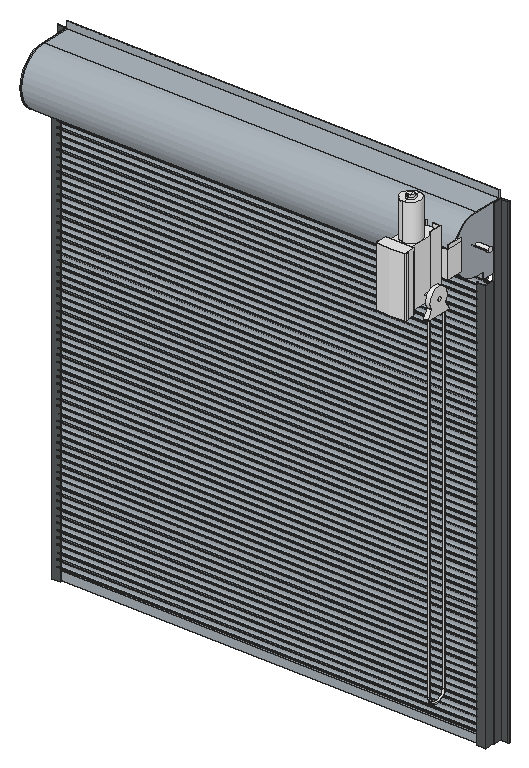
Revit family "Doors_Fire-Doors-Shutters_Wayne-Dalton_Rolling-Steel-Fire-Doors-FireStar-Model-700_", category Specialty Equipment, host Wall, Revit 2019
Family settings
  Host = Wall
  Round Connector Dimension = Use Diameter
  Part Type = Normal
  OmniClass Number = 23.30.10.21.34
  OmniClass Title = Industrial Doors
  Always vertical = Yes
  Cut with Voids When Loaded = Yes
  Shared = No
  Room Calculation Point = No
Parameters (values of type "115 volts, one phase, 60 Hz (110-120V range)")
  Y [instance] = size_lookup(Lookup Table, if(Between Jambs Mounting, "Y B", "Y F"), 10", Width Count, Height Count)  # 17"
  Width Count [instance] = if(or(Opening Width < 240", Opening Width = 240"), 20, 24)  # 20
  Warning Sign [instance] = if(Calculated Area > 324.00 SF, 1 = 1, 1 = 2)  # no
  Warning (Note) [instance] = if(Warning Sign, "The Door Area is out of the limit; please adjust accordingly. The maximum allowed area is 324 sq. ft.", " ")  # " "
  Wall Thickness [instance] = 6"
  Voltage = 115 V
  True Opening Width [instance] = if(Between Jambs Mounting, Door Width True, Clear Width)  # 120"
  True Opening Height [instance] = if(Between Jambs Mounting, Clear Height + Headroom Height, Clear Height)  # 120"
  Slat Type [instance] = if(Slat Option < 2, "№2", if(Slat Option = 2, "№17", if(Slat Option = 3, "№4", "№14 ")))  # "№2"
  Slat Option [instance] = 1
  Slat Length [instance] = Clear Width + G Value * 2 - 1" / 2 * 2  # 124 5/8"
  Slat Height [instance] = if(Slat < 2, 13 77/256", if(Slat = 2, 11 51/256", if(Slat = 3, 13 205/256", 12 1/4")))  # 13 77/256"
  Slat [instance] = if(Slat Option < 2, 1, if(Slat Option = 2, 2, if(Slat Option = 3, 3, 4)))  # 1
  Side Room Right [instance] = if(Between Jambs Mounting, 9 1/16", 10")  # 10"
  Side Room Left [instance] = if(Between Jambs Mounting, 7 1/16", 6")  # 6"
  Product Page URL = "https://www.wayne-dalton.com/commercial-fire-doors-700"
  Power Factor = 1
  Powder Coat (Note) = "Wayne Dalton also offers approximately 200 RAL powder coat options to complement the exterior colors of a building."  # constant formula
  Operator Visibility = yes
  Operation (Note) [instance] = "Door could operate by manual push, crank, electrical operator or chain hoist. Manual push up and crank could be used up to 80 sf, for larger door sizes you have to use Chain Hoist operator."  # constant formula
  Opening Width Real [instance] = if(Opening Width > Max Opening Width, Max Opening Width, if(Opening Width < Min Opening Width, Min Opening Width, Opening Width))  # 120"
  Opening Width [instance] = 120"
  Opening Height Real [instance] = if(Opening Height > Max Opening Height, Max Opening Height, if(Opening Height < Min Opening Height, Min Opening Height, Opening Height))  # 120"
  Opening Height [instance] = 120"
  One Array element [instance] = not(Array Vis)  # no
  Number of Poles = 1
  Motor Type [instance] = if(Between Jambs Mounting, "GCL Front of Hood", if(Motor Option < 2, "GCL Front of Hood", "GCL Wall Mount"))  # "GCL Front of Hood"
  Motor Selection (Note) [instance] = "Generic operator shown. Contact Wayne Dalton when dimensions are critical. "  # constant formula
  Motor Position [instance] = if(or(Chain Hoist, Lift Up, Motor Option Real = 1), G Value, 225/256" + 2 13/16")  # 2 13/16"
  Motor Option Real [instance] = if(Between Jambs Mounting, 1, if(Motor Option < 2, 1, 3))  # 1
  Motor Option [instance] = 1
  Min Opening Width [instance] = if(Between Jambs Mounting, 18" + Side Room Right + Side Room Left, 18")  # 18"
  Min Opening Height [instance] = if(Between Jambs Mounting, 24" + Headroom Height, 24")  # 24"
  Max Opening Width [instance] = 288"  # constant formula
  Max Opening Height [instance] = 288"  # constant formula
  Material Finish (Note) [instance] = "Fenestration availible for №14 Slat Profile"  # constant formula
  Material Finish [instance] = 700 : Standard - Gray
  M Value [instance] = G Value + 1/2"  # 3 5/16"
  Lookup Table [instance] = "Hood Dimensions"  # constant formula
  Lift Up = no
  Jambs Offset L [instance] = if(Between Jambs Mounting, Side Room Left, 0")  # 0"
  Jambs Offset R [instance] = if(Between Jambs Mounting, Side Room Right, 0")  # 0"
  Installation Real [instance] = if(Between Jambs Mounting, if((Wall Thickness / 2 - Guid Depth / 2) < 0", 0", Wall Thickness / 2 - Guid Depth / 2), Wall Thickness)  # 6"
  Hood Type [instance] = "Round Hood"  # constant formula
  Hood Offset [instance] = 2"  # constant formula
  Hood Material [instance] = Metal - Wayne Dalton - Gray
  Hood Height [instance] = X - 2"  # 16 1/2"
  X [instance] = size_lookup(Lookup Table, if(Between Jambs Mounting, "X B", "X F"), 10", Width Count, Height Count)  # 18 1/2"
  Height Count [instance] = if(or(Opening Height < 108", Opening Height = 108"), 9, if(or(Opening Height < 168", Opening Height = 168"), 14, if(or(Opening Height < 216", Opening Height = 216"), 18, 24)))  # 14
  Headroom Height Lift [instance] = X + Hood Offset  # 20 1/2"
  Headroom Height [instance] = if(Between Jambs Mounting, Headroom Height Lift, Headroom Height Lift + 2")  # 22 1/2"
  Guide Type [instance] = if(Between Jambs Mounting, "Angled Between Jambs Z Guide", "Angled Z Guide")  # "Angled Z Guide"
  Guide Option [instance] = if(Between Jambs Mounting, 1, 2)  # 2
  Guid Depth [instance] = if(Between Jambs Mounting, D Value + 1/4", D Value)  # 5 1/2"
  G Value [instance] = 2 13/16"  # constant formula
  Frequency = 60 Hz
  Face of Wall Offset [instance] = if(Between Jambs Mounting, 0", 5")  # 5"
  Face Of Wall Mounting [instance] = not(Between Jambs Mounting)  # yes
  Door Width True [instance] = if(Between Jambs Mounting, Clear Width + Side Room Right + Side Room Left, Clear Width + M Value * 2)  # 126 5/8"
  Door Width (Real) [instance] = if(Between Jambs Mounting, Clear Width, Clear Width + 1" / 2)  # 120 1/2"
  Door Height True [instance] = Clear Width + Headroom Height  # 142 1/2"
  Door Height (Real) [instance] = Clear Height + Hood Offset  # 122"
  URL = "https://www.wayne-dalton.com/"
  Product data url = "https://www.bimobject.com/wayne-dalton/product/rolling-steel-fire-doors-firestar-model-700"
  Product Guid = "438222a2-d04b-4390-a3d2-b724d1d5b820"
  Model = "700"  # constant formula
  Manufacturer = "Wayne Dalton"  # constant formula
  Wall Closure = By host
  Floor To (CL) of Shaft [instance] = Clear Height + Hood Offset + 2" + Hood Height / 2  # 132 1/4"
  Finish Material = Finish - Wayne Dalton - Black
  Description = "FIRESTAR Model 700 Fire Door"  # constant formula
  D Value Clearance [instance] = if(Between Jambs Mounting, D Value + 1/4", D Value)  # 5 1/2"
  D Value [instance] = 5 1/2"  # constant formula
  Clearance [instance] = no
  Clear Width [instance] = if(Between Jambs Mounting, Opening Width Real - Side Room Right - Side Room Left, Opening Width Real)  # 120"
  Clear Height [instance] = if(Between Jambs Mounting, Opening Height Real - Headroom Height, Opening Height Real)  # 120"
  Chain Hoist = no
  Current = 20 A
  Connector Array Distance = 0"  # constant formula
  Connector Array = if(Chain Hoist, 2, 3)  # 3
  Between Jambs Mounting [instance] = no
  Bar [instance] = if(Face Of Wall Mounting, 1 = 1, 1 = 2)  # yes
  Backroom Depth [instance] = Y  # 17"
  BJ Opening Cut [instance] = if(Between Jambs Mounting, Headroom Height, 0")  # 0"
  Array Vis [instance] = if(Array < 2, 1 = 2, 1 = 1)  # yes
  Array Real [instance] = if(Array < 2, 2, Array)  # 9
  Array Length [instance] = (Array) * Slat Height  # 119 181/256"
  Array [instance] = rounddown(([Door Height (Real)] - 3") / Slat Height) + 1  # 9
  Calculated Area [instance] = [Door Width (Real)] * [Door Height (Real)]  # 102.09 SF
  Apparent Load Phase 3 = if(Number of Poles = 1, 0 VA, (Voltage * Current * sqrt(3)) / 3)  # 0 VA
  Apparent Load Phase 2 = if(Number of Poles = 1, 0 VA, (Voltage * Current * sqrt(3)) / 3)  # 0 VA
  Apparent Load Phase 1 = if(Number of Poles = 1, Voltage * Current, (Voltage * Current * sqrt(3)) / 3)  # 2300 VA
Reference planes (in)
  plane 1 "Center (Front/Back)": y = -14.625
  plane 2 "Center (Left/Right)": x = 0
  plane 3 "Left": x = -60
  plane 4 "Right": x = 60
  plane 5 "Exterior": y = -8.625
  plane 6 "Interior": y = -14.625
  plane 7: x = 70
  plane 8: x = -66
  plane 9: z = 120
  plane 10 "Main": y = -19.48437
  plane 11 "Backroom Depth": y = -31.625
  plane 12 "Main Door Block": y = -14.625
  plane 13 "Bottom Bar": z = 2.75
  plane 14: y = -20.125
  plane 15: z = 122.45703
  plane 16: z = 140.5
  plane 17: z = 122
  plane 18: z = 142.5
  plane 19: z = 0
  plane 20: z = 60
  plane 21: y = -19.375
  plane 22 "Double Main": y = -18.906
  plane 23 "Headroom Top": z = 142.5
  plane 24: z = 132.25
  plane 25: x = 62.8125
  plane 26: x = -62.8125
  plane 27: z = 109.15625
  plane 28: z = 124
  plane 29: x = 62.8125
  plane 30: x = -66
  plane 31: x = 70
  plane 32: z = 2.75
  plane 33: y = -19.375
  plane 34: z = 109.15625
  plane 35: y = -19.375
  plane 36: z = 16.05078
  plane 37: y = -19.375
  plane 38: z = 29.35156
  plane 39: y = -19.375
  plane 40: z = 42.65234
  plane 41: y = -19.375
  plane 42: z = 55.95313
  plane 43: y = -19.375
  plane 44: z = 69.25391
  plane 45: y = -19.375
  plane 46: z = 82.55469
  plane 47: y = -19.375
  plane 48: z = 95.85547
  plane 49: y = -19.375
Forms (in)
  Extrusion 1, void
    sketch origin (0, -14.625, 0) x (0, 0, -1) y (-1, 0, 0)
      loop
        line (-120, 60) -> (-120, -60) -> (0, -60) -> (0, 60) -> (-120, 60)
    from 0 to 6
  Extrusion 2, solid, material "Metal - Wayne Dalton - Gray" <- "Hood Material", visible <- "Bar"
    sketch origin (0, 0, 0) x (0, 1, 0) y (0, 0, 1)
      loop
        line (-14.875, 140.5) -> (-14.625, 140.5) -> (-14.625, 142.5) -> (-14.875, 142.5) -> (-14.875, 140.5)
    from -62.5625 to 62.5625
  Extrusion 3, solid, material "Clearance - Wayne Dalton - Red", visible <- "Clearance"
    sketch origin (0, 0, 0) x (1, 0, 0) y (0, 1, 0)
      loop
        line (70, -14.625) -> (60, -14.625) -> (60, -20.125) -> (70, -20.125) -> (70, -14.625)
      loop
        line (-60, -14.625) -> (-66, -14.625) -> (-66, -20.125) -> (-60, -20.125) -> (-60, -14.625)
    from 0 to 122
Lines and regions (in)
  symbolic lines, visible <- "Bar"
    curve 1: line (62.5625, -14.625, 0) -> (-62.5625, -14.625, 0)
    curve 2: line (-62.5625, -14.875, 0) -> (62.5625, -14.875, 0)
Text (in)
  text "Exterior" at (-74.96733, 27.31104, 0), in view "Ref. Level"
  text "Interior" at (-74.96733, -25.14366, 0), in view "Ref. Level"
  text "Exterior" at (0, 40.15149, 123.01588), in view "Right"
  text "Interior" at (0, -64.39139, 123.01588), in view "Right"
  text "Interior" at (0, -31.01599, 123.00693), in view "Left"
  text "Exterior" at (0, 54.57065, 123.00693), in view "Left"
Dimensions and locks (in)
  equal spacing: plane 3 "Left", plane 2 "Center (Left/Right)", plane 4 "Right"
  "Clear Width": plane 3 "Left" to plane 4 "Right"
  level to host wall = 459.59655"
  "Clear Height": level to plane 9
  plane 7 to plane 8 = 136"
  locked: plane 13 "Bottom Bar" to level at 2.75
  locked: plane 14 to plane 10 "Main" at 0.64063
  "Array Length": plane 15 to plane 13 "Bottom Bar"
  "Backroom Depth": plane 11 "Backroom Depth" to plane 12 "Main Door Block"
  locked: plane 18 to plane 16 at 2
  locked: Extrusion 2 sketch curve to Extrusion 2 sketch curve at 0.25
  "Installation Real": plane 1 "Center (Front/Back)" to plane 5 "Exterior"
  "Wall Thickness": host wall to host wall
  equal spacing: plane 9, plane 20, plane 19
  locked: plane 10 "Main" to plane 21 at 0.10937
  locked: plane 10 "Main" to plane 22 "Double Main" at 0.57837
  "BJ Opening Cut": Extrusion 1 sketch curve to plane 9
  locked: Extrusion 2 sketch curve to Extrusion 2 sketch curve at 2
  "Hood Offset": plane 17 to plane 9
  "Headroom Height": plane 23 "Headroom Top" to plane 9
  "Floor To (CL) of Shaft": plane 24 to level
  "Jambs Offset R": plane 4 "Right" to Extrusion 1 sketch curve
  "Jambs Offset L": Extrusion 1 sketch curve to plane 3 "Left"
  "G Value": plane 25 to plane 4 "Right"
  "G Value": plane 3 "Left" to plane 26
  "Guid Depth": plane 14 to plane 1 "Center (Front/Back)"
  "Slat Height": plane 15 to plane 27
  equal spacing: group 1, group 3, group 4, group 5, group 6, group 7, group 8, group 9, group 2  (x3)
  "Side Room Right": plane 4 "Right" to plane 7
  "Side Room Left": plane 8 to plane 3 "Left"
  locked: plane 25 to Extrusion 2 at 0.25
  locked: plane 26 to Extrusion 2 at 0.25
  locked: plane 28 to plane 17 at 2
  "Hood Height": plane 16 to plane 28
  "Motor Position": plane 4 "Right" to plane 29
  "Side Room Left": plane 30 to plane 3 "Left"
  "Side Room Right": plane 4 "Right" to plane 31
  "D Value Clearance": Extrusion 3 sketch curve to Extrusion 3 sketch curve
  aligned and locked: plane 5 "Exterior" to host wall
  aligned and locked: host wall to plane 6 "Interior"
  aligned and locked: level to Extrusion 1 sketch curve
  aligned and locked: Extrusion 1 to plane 5 "Exterior"
  aligned and locked: plane 6 "Interior" to Extrusion 1
  aligned and locked: plane 16 to nested 1
  aligned and locked: Extrusion 2 sketch curve to plane 18
  aligned and locked: plane 6 "Interior" to Extrusion 2 sketch curve
  aligned and locked: curve 1 to Extrusion 2  (x2)
  aligned and locked: curve 2 to Extrusion 2  (x2)
  aligned and locked: Extrusion 2 to curve 2
  aligned and locked: nested 1 to plane 5 "Exterior"
  aligned and locked: level to plane 19
  aligned and locked: plane 2 "Center (Left/Right)" to nested 2
  aligned and locked: nested 3 to plane 2 "Center (Left/Right)"
  aligned and locked: nested 4 to plane 20
  aligned and locked: plane 2 "Center (Left/Right)" to nested 4
  aligned and locked: plane 13 "Bottom Bar" to nested 6
  aligned and locked: plane 21 to nested 6
  aligned and locked: nested 4 to plane 21
  aligned and locked: plane 19 to nested 13
  aligned and locked: nested 13 to plane 2 "Center (Left/Right)"
  aligned and locked: nested 13 to plane 1 "Center (Front/Back)"
  aligned and locked: nested 1 to plane 29
  aligned and locked: Extrusion 3 sketch curve to plane 1 "Center (Front/Back)"
  aligned and locked: Extrusion 3 sketch curve to plane 31
  aligned and locked: Extrusion 3 sketch curve to plane 4 "Right"
  aligned and locked: plane 1 "Center (Front/Back)" to Extrusion 3 sketch curve
  aligned and locked: Extrusion 3 sketch curve to plane 30
  aligned and locked: Extrusion 3 sketch curve to plane 3 "Left"
  aligned and locked: Extrusion 3 sketch curve to Extrusion 3 sketch curve
  aligned and locked: Extrusion 3 to level
  aligned and locked: plane 17 to Extrusion 3
  aligned and locked: plane 13 "Bottom Bar" to plane 32
  aligned and locked: plane 21 to plane 33
  aligned and locked: plane 27 to plane 34
  aligned and locked: plane 35 to plane 21
  aligned and locked: plane 12 "Main Door Block" to plane 1 "Center (Front/Back)"
Automatic sketch dimensions
  plane 25 to curve 1 = 1/4"
Nested families (in)
  nested 1: "Motor" at (57.873, -39.205, 121.18), visible <- "Operator Visibility", type "Trolley Motor"
    with Vertical Mount 19.32", Hood Width Real 17", Hood Width 17", Hood Height 16 1/2", Floor To Cl Shaft 132 1/4", Box Width 25 1/2"
  nested 2: "Label Annotation 1" at (0, 18.375, 0), visible <- "Warning Sign", type "Label Annotation 1"
  nested 3: "Label Annotation 1" at (0, -41.625, 0) x (-1, 0, 0) z (0, 0, 1), visible <- "Warning Sign", type "Label Annotation 1"
  nested 4: "Warning Sign" at (0, -19.375, 60), visible <- "Warning Sign", type "Warning Sign"
    with Warning Sign no
  nested 5: "700" at (0, -19.375, 2.75), Slat Option <- "Slat Option", Opening Width <- "Slat Length", type <- "Material Finish", visible <- "Array Vis", type "Standard - Gray"
    with Void Offset 1", Void Height 3/4", Slat Width 1/2", Slat Position + Offset 14.196", Slat Position 13.3", Slat Option 1, Secure-Vent no, Profile #14 no, Perforation no, Opening Width 124 5/8", Integrated Cutout no, Fenestration no, Cutout Width Offset 1", Cutout Vertical Offset 0.896", #4 no, #2 yes, #17 no, # 14 no
  nested 6: "700" at (0, -19.375, 2.75), visible <- "One Array element", Slat Option <- "Slat Option", Opening Width <- "Slat Length", type <- "Material Finish", type "Standard - Gray"
    with Void Offset 1", Void Height 3/4", Slat Width 1/2", Slat Position + Offset 14.196", Slat Position 13.3", Slat Option 1, Secure-Vent no, Profile #14 no, Perforation no, Opening Width 124 5/8", Integrated Cutout no, Fenestration no, Cutout Width Offset 1", Cutout Vertical Offset 0.896", #4 no, #2 yes, #17 no, # 14 no
  nested 7: "700" at (0, -19.375, 109.15625), Slat Option <- "Slat Option", Opening Width <- "Slat Length", type <- "Material Finish", visible <- "Array Vis", type "Standard - Gray"
    with Void Offset 1", Void Height 3/4", Slat Width 1/2", Slat Position + Offset 14.196", Slat Position 13.3", Slat Option 1, Secure-Vent no, Profile #14 no, Perforation no, Opening Width 124 5/8", Integrated Cutout no, Fenestration no, Cutout Width Offset 1", Cutout Vertical Offset 0.896", #4 no, #2 yes, #17 no, # 14 no
  nested 8: "700" at (0, -19.375, 16.05078), Slat Option <- "Slat Option", Opening Width <- "Slat Length", type <- "Material Finish", visible <- "Array Vis", type "Standard - Gray"
    with Void Offset 1", Void Height 3/4", Slat Width 1/2", Slat Position + Offset 14.196", Slat Position 13.3", Slat Option 1, Secure-Vent no, Profile #14 no, Perforation no, Opening Width 124 5/8", Integrated Cutout no, Fenestration no, Cutout Width Offset 1", Cutout Vertical Offset 0.896", #4 no, #2 yes, #17 no, # 14 no
  nested 9: "700" at (0, -19.375, 29.35156), Slat Option <- "Slat Option", Opening Width <- "Slat Length", type <- "Material Finish", visible <- "Array Vis", type "Standard - Gray"
    with Void Offset 1", Void Height 3/4", Slat Width 1/2", Slat Position + Offset 14.196", Slat Position 13.3", Slat Option 1, Secure-Vent no, Profile #14 no, Perforation no, Opening Width 124 5/8", Integrated Cutout no, Fenestration no, Cutout Width Offset 1", Cutout Vertical Offset 0.896", #4 no, #2 yes, #17 no, # 14 no
  nested 10: "700" at (0, -19.375, 42.65234), Slat Option <- "Slat Option", Opening Width <- "Slat Length", type <- "Material Finish", visible <- "Array Vis", type "Standard - Gray"
    with Void Offset 1", Void Height 3/4", Slat Width 1/2", Slat Position + Offset 14.196", Slat Position 13.3", Slat Option 1, Secure-Vent no, Profile #14 no, Perforation no, Opening Width 124 5/8", Integrated Cutout no, Fenestration no, Cutout Width Offset 1", Cutout Vertical Offset 0.896", #4 no, #2 yes, #17 no, # 14 no
  nested 11: "700" at (0, -19.375, 55.95312), Slat Option <- "Slat Option", Opening Width <- "Slat Length", type <- "Material Finish", visible <- "Array Vis", type "Standard - Gray"
    with Void Offset 1", Void Height 3/4", Slat Width 1/2", Slat Position + Offset 14.196", Slat Position 13.3", Slat Option 1, Secure-Vent no, Profile #14 no, Perforation no, Opening Width 124 5/8", Integrated Cutout no, Fenestration no, Cutout Width Offset 1", Cutout Vertical Offset 0.896", #4 no, #2 yes, #17 no, # 14 no
  nested 12: "700" at (0, -19.375, 69.25391), Slat Option <- "Slat Option", Opening Width <- "Slat Length", type <- "Material Finish", visible <- "Array Vis", type "Standard - Gray"
    with Void Offset 1", Void Height 3/4", Slat Width 1/2", Slat Position + Offset 14.196", Slat Position 13.3", Slat Option 1, Secure-Vent no, Profile #14 no, Perforation no, Opening Width 124 5/8", Integrated Cutout no, Fenestration no, Cutout Width Offset 1", Cutout Vertical Offset 0.896", #4 no, #2 yes, #17 no, # 14 no
  nested 13: "Lifts" at (0, -14.625, 0) x (-1, 0, 0) z (0, 0, 1), type "Frame Unit"
    with Round Hood yes, No Hood no, Void Offset 2", Side Clearance R 10", Side Clearance L 6", Manual no, Hood Height 18 1/2", Headroom Height Real 20 1/2", Half Hood Height 18 1/2", Shaft Offset 8 1/4", Radius Hood 8 1/4", Headroom Height 20 1/2", Header Width 17", Floor To (CL) of Shaft 132 1/4"
  nested 14: "700" at (0, -19.375, 82.55469), Slat Option <- "Slat Option", Opening Width <- "Slat Length", type <- "Material Finish", visible <- "Array Vis", type "Standard - Gray"
    with Void Offset 1", Void Height 3/4", Slat Width 1/2", Slat Position + Offset 14.196", Slat Position 13.3", Slat Option 1, Secure-Vent no, Profile #14 no, Perforation no, Opening Width 124 5/8", Integrated Cutout no, Fenestration no, Cutout Width Offset 1", Cutout Vertical Offset 0.896", #4 no, #2 yes, #17 no, # 14 no
  nested 15: "700" at (0, -19.375, 95.85547), Slat Option <- "Slat Option", Opening Width <- "Slat Length", type <- "Material Finish", visible <- "Array Vis", type "Standard - Gray"
    with Void Offset 1", Void Height 3/4", Slat Width 1/2", Slat Position + Offset 14.196", Slat Position 13.3", Slat Option 1, Secure-Vent no, Profile #14 no, Perforation no, Opening Width 124 5/8", Integrated Cutout no, Fenestration no, Cutout Width Offset 1", Cutout Vertical Offset 0.896", #4 no, #2 yes, #17 no, # 14 no
Connectors (in)
  electrical at (60.861, -39.51377, 131.7498), driven by "Apparent Load Phase 1", driven by "Power Factor", driven by "Voltage", driven by "Apparent Load Phase 2", driven by "Apparent Load Phase 3", driven by "Number of Poles"
    settings: on nested 1, index 1, voltage 115 V, apparent load 0 VA, apparent load phase1 2300 VA, apparent load phase2 0 VA, apparent load phase3 0 VA, power factor 1, load classification "Other", number of poles 1, system type 31, power factor state 1, is connector primary yes, connector utility no, sub classification motor no, connector description "Electrical Connector"
Definition of nested family "Motor"
  Parameters (values of type "Trolley Motor")
    Wall Mount = if(Main Motor, if(Motor Option > 1, 1 = 1, 1 = 2), 1 = 2)  # no
    Side Room = 10"
    Real Exterior Wall Offset = if(Wall Mount, Displacement, Exterior Wall Offset)  # 6"
    Offset = Side Room - G Value  # 7 3/16"
    Manual = no
    Main Motor = if(or(Manual, Chain Hoist), 1 = 2, 1 = 1)  # yes
    Horizontal Mount = if(Face Mount, 5.08" + 0.12" + 2.38", if(Wall Mount, 5.08", 0"))  # 7.58"
    Vertical Mount = if(Face Mount, 11.07" + Hood Height / 2, if(Wall Mount, 20.03" + 6" + Hood Height / 2, Hood Height))  # 18.57"
    Motor Type = if(Motor Option < 2, "RSX FDO Face Mount", if(Motor Option = 2, "RSX FDO Top Mount", if(Motor Option = 3, "RSX Wall Mount", if(Motor Option = 4, "RSX Bench Mount", "Chain Hoist"))))  # "RSX FDO Face Mount"
    Motor Option = 1
    Main Material = none
    Hood Width Real = if(Wall Mount, 0", Hood Width)  # 18 1/2"
    Hood Width = 18 1/2"
    Hood Material = none
    Hood Height = 15"
    Hood Mount = if(Face Mount, 0.37", if(Wall Mount, 14.74", 0"))  # 0.37"
    G Value = 2 13/16"
    Floor To Cl Shaft = 131 1/2"
    Top Option Offset = 0"  # constant formula
    Face Mount = if(Main Motor, if(Motor Option < 2, 1 = 1, 1 = 2), 1 = 2)  # yes
    Exterior Wall Offset = 6"
    Displacement = 6"
    Default Elevation = 48"
    Chain V Offset = if(or(Face Mount, Wall Mount), 4 1/2", Hood Height / 2)  # 4 1/2"
    Chain Offset = if((Floor To Cl Shaft - Hood Height / 2) < 35", Floor To Cl Shaft - Hood Height / 2 - 5", 30")  # 30"
    Chain H Offset = 0"  # constant formula
    Chain Hoist = no
    Box Width = if(BJ, Hood Width + 8", Hood Width + 8 1/2")  # 27"
    Box BJ offset = 0"  # constant formula
    BJ Displacement = 3"
    BJ = no
    Angle = 180.00°  # constant formula
  Reference planes (in)
    plane 1 "Center (Front/Back)": y = 0
    plane 2: z = 0
    plane 3 "Center (Left/Right)": x = 0
    plane 4: y = 0
    plane 5: y = 0
    plane 6: z = -127
    plane 7: z = -97
    plane 8: z = 4.5
    plane 9 "Chain Hoist": z = 4.5
    plane 10 "Top Of Hood": z = 18.57
    plane 11: y = 7.58
    plane 12: z = 0
    plane 13 "Hood Face": x = 4.9395
    plane 14: x = 5.3095
    plane 15: y = 26.08
    plane 16 "Wall": y = 32.08
    plane 17: z = 0.2198
    plane 18: y = 16.83
    plane 19: x = 12.497
    plane 20: z = 3.57
    plane 21: z = 11.07
    plane 22: z = -120.43
    plane 23: z = -90.43
    plane 24: z = 11.07
    plane 25: z = 5.0698
  Forms (in)
    Extrusion 1, solid, material <- "Main Material", visible <- "Main Motor"
      sketch origin (0, 0, 18.8898) x (1, 0, 0) y (0, 1, 0)
        loop
          line (-4.134, -5.81907) -> (4.116, -5.81907) -> (4.116, -5.69947) -> (3.108, -5.69947)
          arc (3.108, -5.69947) -> (3.02315, -5.66432) -> (2.988, -5.57947) r 0.12
          line (2.988, -5.57947) -> (2.988, 4.96193) -> (-2.988, 4.96193) -> (-2.988, -5.57947)
          arc (-2.988, -5.57947) -> (-3.02315, -5.66432) -> (-3.108, -5.69947) r 0.12
          line (-3.108, -5.69947) -> (-4.134, -5.69947) -> (-4.134, -5.81907)
      from -16.64 to 0
    Extrusion 2, solid, material <- "Main Material", visible <- "Main Motor"
      sketch origin (0, 0, 18.8898) x (-1, 0, 0) y (0, -1, 0)
        loop
          line (4.134, 5.81907) -> (4.134, 8.46165) -> (4.3324, 8.46165) -> (4.3324, 8.7182)
          arc (4.3324, 8.7182) -> (4.24466, 8.95685) -> (4.02324, 9.08185) r 0.36846
          arc (4.02324, 9.08185) -> (0, 9.4077) -> (-4.02324, 9.08185) r 25
          arc (-4.02324, 9.08185) -> (-4.24466, 8.95685) -> (-4.3324, 8.7182) r 0.36846
          line (-4.3324, 8.7182) -> (-4.3324, 8.46165) -> (-4.116, 8.46165) -> (-4.116, 5.81907) -> (4.134, 5.81907)
      from -17 to 0.35839
    Extrusion 3, solid, material <- "Main Material", visible <- "Wall Mount"
      sketch origin (0, 0, 18.8898) x (1, 0, 0) y (0, 1, 0)
        loop
          line (-2.988, 5.08193) -> (-4.988, 5.08193) -> (-4.988, 4.96193) -> (-3.108, 4.96193) -> (-3.108, 1.46193) -> (-2.988, 1.46193) -> (-2.988, 5.08193)
        loop
          line (2.988, 5.08193) -> (2.988, 1.46193) -> (3.108, 1.46193) -> (3.108, 4.96193) -> (4.988, 4.96193) -> (4.988, 5.08193) -> (2.988, 5.08193)
      from -16.64 to 1.14
    Extrusion 4, solid, material <- "Main Material", visible <- "Main Motor"
      sketch origin (-1.65311, 0.00141, 3.59957) x (0, 0, 1) y (0, -1, 0)
        loop
          arc (-0.94556, -2.36341) -> (3.90043, 0.00141) -> (-0.94556, 2.36622) r 3
          line (-0.94556, 2.36622) -> (-3.12826, 3.62641) -> (-3.37977, 3.62641) -> (-3.37977, -3.62359) -> (-3.12826, -3.62359) -> (-0.94556, -2.36341)
      from 8.2495 to 7
    Sweep 5, solid, material <- "Main Material", visible <- "Main Motor"
      path origin (5.96602, 9.53, 48) x (0, 1, 0) y (0, 0, 1)
        loop
          line (-12.53, -47.7802) -> (-12.53, -145)
          arc (-12.53, -145) -> (-9.53, -148) -> (-6.53, -145) r 3
          line (-6.53, -145) -> (-6.53, -47.7802)
      profile origin (5.96602, -3, -48.3901) x (1, 0, 0) y (0, 1, 0)
        loop
          circle (0, 0.25) r 0.25
    Extrusion 6, solid, material <- "Main Material", visible <- "Main Motor"
      sketch origin (0, 0.00141, 3.59957) x (0, 0, 1) y (0, -1, 0)
        loop
          circle (0.90043, 0.00141) r 0.4
      from 6.8795 to 0
    Extrusion 7, solid, material <- "Main Material", visible <- "Face Mount"
      sketch origin (0, 0, 18.8898) x (1, 0, 0) y (0, 1, 0)
        loop
          line (5.3095, 5.08193) -> (5.3095, 9.82193) -> (5.1895, 9.82193) -> (5.1895, 5.20193) -> (-2.988, 5.20193) -> (-2.988, 5.08193) -> (5.3095, 5.08193)
      from -12.32 to -4.32
    Extrusion 8, solid, material <- "Main Material", visible <- "Face Mount"
      sketch origin (0.25, 0, 18.8898) x (1, 0, 0) y (0, 1, 0)
        loop
          line (-3.358, 5.08193) -> (-3.358, 1.46193) -> (-3.238, 1.46193) -> (-3.238, 4.96193) -> (-1.238, 4.96193) -> (-1.238, 5.08193) -> (-3.358, 5.08193)
        loop
          line (2.858, 5.08193) -> (0.738, 5.08193) -> (0.738, 4.96193) -> (2.738, 4.96193) -> (2.738, 1.46193) -> (2.858, 1.46193) -> (2.858, 5.08193)
      from -16.64 to 1.14
    Extrusion 9, solid, material <- "Main Material", visible <- "Face Mount"
      sketch origin (0, 0, 0) x (0, 0, 1) y (0, -1, 0)
        loop
          line (15.5698, -5.33193) -> (6.5698, -5.33193) -> (6.5698, -9.82193) -> (15.5698, -9.82193) -> (15.5698, -5.33193)
      from 4.9395 to 5.1895
    Revolve 10, solid, material <- "Main Material", visible <- "Main Motor"
      sketch origin (0, 0, 0) x (0, 0, 1) y (0, -1, 0)
        loop
          line (18.8898, -1.13053) -> (29.4398, -1.13053) -> (29.4398, 0.44447) -> (29.8198, 0.44447) -> (29.8198, 0.87447) -> (30.2198, 0.87447) -> (30.2198, 1.72447) -> (18.8898, 1.72447) -> (18.8898, -1.13053)
        axis (30.2198, 1.72447) -> (18.8898, 1.72447)
      angle from 0 to 360
    Extrusion 11, solid, material <- "Hood Material", visible <- "Manual"
      sketch origin (0, 0, 0) x (1, 0, 0) y (0, 1, 0)
        loop
          line (5.3095, 26.08) -> (5.3095, -0.92) -> (12.497, -0.92) -> (12.497, 26.08) -> (5.3095, 26.08)
      from 3.57 to 18.57
    Extrusion 12, solid, material <- "Main Material", visible <- "Chain Hoist"
      sketch origin (5.3095, 7.58, 11.07) x (0, 1, 0) y (-1, 0, 0)
        loop
          line (0, 0) -> (0, 8) -> (-10.5, 8) -> (-10.5, -0.25) -> (2.5, -0.25) -> (2.5, 0) -> (0, 0)
      from -4.5 to 4.5
    Extrusion 13, void
      sketch origin (5.3095, 7.58, 11.07) x (0, 1, 0) y (-1, 0, 0)
        loop
          line (-10.5, 0) -> (0, 0) -> (0, 8) -> (-10.5, 8) -> (-10.5, 0)
      from 3.5 to 7
    Extrusion 14, solid, material <- "Main Material", visible <- "Chain Hoist"
      sketch origin (5.3095, 7.58, 11.07) x (0, 1, 0) y (0, 0, -1)
        loop
          circle (-6.5, 0) r 5.5
      from -0.45688 to -1.28689
    Extrusion 15, solid, material <- "Main Material", visible <- "Chain Hoist"
      sketch origin (5.3095, 7.58, 11.07) x (0, 1, 0) y (0, 0, -1)
        loop
          arc (-0.5, -1) -> (-0.73394, 2.53457) -> (0, 6) r 12.93147
          line (0, 6) -> (-2.75, 6)
          spline (-2.75, 6) -> (-2.46785, 5.32328) -> (-2.28806, 4.6737) -> (-2.20356, 4.0573) -> (-2.20727, 3.48012) -> (-2.29211, 2.9482) -> (-2.45102, 2.4676) -> (-2.67691, 2.04435) -> (-2.96272, 1.6845) -> (-3.30136, 1.3941) -> (-3.68576, 1.17918) -> (-4.10885, 1.0458) -> (-4.56355, 1)
          line (-4.56355, 1) -> (-8.43645, 1)
          spline (-8.43645, 1) -> (-8.89115, 1.0458) -> (-9.31424, 1.17918) -> (-9.69864, 1.3941) -> (-10.03728, 1.6845) -> (-10.32309, 2.04435) -> (-10.54898, 2.4676) -> (-10.70789, 2.9482) -> (-10.79273, 3.48012) -> (-10.79644, 4.0573) -> (-10.71194, 4.6737) -> (-10.53215, 5.32328) -> (-10.25, 6)
          line (-10.25, 6) -> (-13, 6)
          arc (-13, 6) -> (-12.26606, 2.53457) -> (-12.5, -1) r 12.93147
          line (-12.5, -1) -> (-0.5, -1)
      from -1.45525 to -0.25
    Extrusion 16, solid, material <- "Main Material", visible <- "Chain Hoist"
      sketch origin (5.3095, 7.58, 11.07) x (0, 1, 0) y (0, 0, -1)
        loop
          circle (-6.5, 0) r 0.5
      from -1.57 to -0.25
    Sweep 17, solid, material <- "Main Material", visible <- "Chain Hoist"
      path origin (6.16213, 0, 8.25) x (0, 1, 0) y (0, 0, -1)
        loop
          line (-3.92, 3.1802) -> (-3.92, 98.68)
          arc (-3.92, 98.68) -> (1.08, 103.68) -> (6.08, 98.68) r 5
          line (6.08, 98.68) -> (6.08, 3.1802)
      profile origin (6.16213, -3.92, -42.6801) x (-1, 0, 0) y (0, -1, 0)
        loop
          circle (0, 0.25) r 0.25
  Cuts and joins
    Extrusion 13 cuts Extrusion 12
    joined: Extrusion 14, Extrusion 15
  Lines and regions (in)
    Masking region 1, visible <- "Manual"
      outline origin (0, -0.25, 0) x (1, 0, 0) y (0, 1, 0)
        loop
          line (5.3095, 26.33) -> (5.3095, -0.67) -> (12.497, -0.67) -> (12.497, 26.33) -> (5.3095, 26.33)
    Masking region 2, visible <- "Chain Hoist"
      outline origin (10.85425, 6.58, 11.07) x (0, 1, 0) y (-1, 0, 0)
        loop
          line (-12, 5.29475) -> (-12, 4.0895) -> (-6, 4.0895) -> (-6, 3.97475) -> (-5, 3.97475) -> (-5, 4.0895) -> (1, 4.0895) -> (1, 5.29475) -> (3.5, 5.29475) -> (3.5, 5.54475) -> (1, 5.54475) -> (1, 13.54475) -> (-9.5, 13.54475) -> (-9.5, 5.29475) -> (-12, 5.29475)
    reference lines
      curve 1: line (0, 0, 0) -> (0, 0, 18.8898)
      curve 2: line (5.3095, 7.58, 11.07) -> (5.3095, 13.83, 11.07)
      curve 11: line (0, 0, 18.8898) -> (-8.25, 0, 18.8898)
    symbolic lines, visible <- "Chain Hoist"
      curve 3: line (5.5595, -5.42, 11.07) -> (5.5595, 7.58, 11.07)
      curve 4: line (5.5595, 7.08, 11.07) -> (6.76475, 7.08, 11.07)
      curve 5: line (5.5595, -4.92, 11.07) -> (6.76475, -4.92, 11.07)
      curve 6: line (5.76638, 6.48833, 11.07) -> (6.59639, 6.48833, 11.07)
      curve 7: line (5.76638, -4.32833, 11.07) -> (5.76638, 6.48833, 11.07)
      curve 8: line (6.59639, -4.32833, 11.07) -> (5.76638, -4.32833, 11.07)
      curve 9: line (6.59639, 6.48833, 11.07) -> (6.59639, -4.32833, 11.07)
      curve 10: line (6.76475, -5.42, 11.07) -> (6.76475, 7.58, 11.07)
  Dimensions and locks (in)
    Extrusion 3 sketch curve to Extrusion 3 sketch curve = 3.62"
    locked: Extrusion 3 sketch curve to Extrusion 3 sketch curve at 0.12  (x3)
    "Chain H Offset": plane 4 to plane 5
    "Chain Offset": plane 7 to plane 6
    locked: Sweep 5 sketch curve to profile plane at 0
    locked: profile plane to Sweep 5 sketch curve at 0.25
    locked: Sweep 5 sketch curve to Sweep 5 sketch curve at 6
    "Floor To Cl Shaft": plane 8 to plane 6
    "Horizontal Mount": plane 1 "Center (Front/Back)" to plane 11
    Extrusion 8 sketch curve to Extrusion 8 sketch curve = 3.62"
    locked: Extrusion 8 sketch curve to Extrusion 8 sketch curve at 0.12  (x3)
    "Top Option Offset": level to plane 12
    "Chain V Offset": plane 9 "Chain Hoist" to plane 12
    equal spacing: Sweep 5 sketch curve, plane 5, Sweep 5 sketch curve
    "Vertical Mount": plane 10 "Top Of Hood" to plane 12
    locked: Extrusion 2 sketch curve to Extrusion 2 sketch curve at 8.25
    locked: Extrusion 2 sketch curve to Extrusion 2 sketch curve at 2.64258
    locked: plane 3 "Center (Left/Right)" to plane 14 at 5.3095
    "Hood Mount": plane 13 "Hood Face" to plane 14
    locked: Extrusion 7 sketch curve to Extrusion 7 sketch curve at 0.12  (x2)
    locked: Extrusion 7 sketch curve to curve 1 at 5.08193
    "Hood Width Real": plane 11 to plane 15
    "Real Exterior Wall Offset": plane 15 to plane 16 "Wall"
    locked: Extrusion 7 sketch curve to Extrusion 7 sketch curve at 4.62
    locked: Extrusion 1 sketch curve to Extrusion 1 sketch curve at 0.1196
    locked: Extrusion 1 sketch curve to Extrusion 1 sketch curve at 5.976
    equal spacing: Extrusion 1 sketch curve, curve 1, Extrusion 1 sketch curve
    locked: curve 1 to Extrusion 1 sketch curve at 5.81907
    locked: Extrusion 1 sketch curve to Extrusion 1 sketch curve at 10.781
    locked: Extrusion 8 sketch curve to curve 1 at 1.46193
    equal spacing: Extrusion 3 sketch curve, curve 1, Extrusion 3 sketch curve
    locked: Extrusion 3 sketch curve to curve 1 at 1.46193
    locked: Extrusion 9 sketch curve to Extrusion 9 sketch curve at 4.49
    locked: Extrusion 9 sketch curve to Extrusion 9 sketch curve at 9
    locked: Extrusion 9 sketch curve to curve 1 at 9.82193
    locked: Extrusion 9 sketch curve to curve 1 at 6.5698
    locked: Extrusion 3 sketch curve to Extrusion 3 sketch curve at 5.976
    locked: Extrusion 8 sketch curve to plane 3 "Center (Left/Right)" at 2.988
    locked: plane 3 "Center (Left/Right)" to Extrusion 8 sketch curve at 3.108
    locked: Extrusion 3 sketch curve to Extrusion 3 sketch curve at 2
    locked: Extrusion 3 sketch curve to Extrusion 3 sketch curve at 1.88
    locked: Extrusion 7 sketch curve to Extrusion 7 sketch curve at 8.2975
    locked: curve 1 to Extrusion 7 sketch curve at 5.3095
    locked: Extrusion 1 sketch curve to Extrusion 1 sketch curve at 1.128
    locked: Extrusion 1 sketch curve to Extrusion 1 sketch curve at 1.146
    Revolve 10 sketch curve to Revolve 10 sketch curve to Revolve 10 sketch curve to Revolve 10 sketch curve = 0.85" locked, 0.43" locked, 1.575" locked
    locked: Extrusion 4 sketch curve to Extrusion 4 sketch curve at 4.2802
    locked: Extrusion 4 sketch curve to Extrusion 4 sketch curve at 7.25
    equal spacing: Extrusion 4 sketch curve, Extrusion 4 sketch curve, Extrusion 4 sketch curve
    Revolve 10 sketch curve to Revolve 10 sketch curve to Revolve 10 sketch curve to Revolve 10 sketch curve = 10.55" locked, 0.38" locked, 0.4" locked
    locked: plane 8 to plane 17 at 4.2802
    equal spacing: plane 11, plane 18, plane 15
    locked: curve 2 to curve 2 at 6.25
    "Offset": plane 14 to plane 19
    "Offset": Extrusion 11 sketch curve to Extrusion 11 sketch curve
    "Hood Height": plane 10 "Top Of Hood" to plane 20
    locked: Extrusion 11 to plane 20 at 0
    locked: Extrusion 12 sketch curve to Extrusion 12 sketch curve at 10.5
    locked: Extrusion 12 sketch curve to Extrusion 12 sketch curve at 0.25
    locked: Extrusion 12 sketch curve to Extrusion 12 sketch curve at 8
    equal spacing: plane 10 "Top Of Hood", plane 21, plane 20
    locked: Extrusion 14 sketch curve to curve 2 at 6.5
    locked: plane 11 to Extrusion 12 sketch curve at 2.5
    "Chain Offset": plane 23 to plane 22
    locked: Sweep 17 sketch curve to profile plane at 0
    locked: profile plane to Sweep 17 sketch curve at 0.25
    "Floor To Cl Shaft": plane 24 to plane 22
    locked: plane 24 to plane 25 at 6.0002
    locked: Sweep 17 sketch curve to Sweep 17 sketch curve at 10
    locked: Sweep 17 sketch curve to plane 11 at 1.5
    locked: Extrusion 2 sketch curve to curve 1 at 5.81907
    "Box BJ offset": Extrusion 11 sketch curve to plane 15
    "Box Width": Extrusion 11 sketch curve to Extrusion 11 sketch curve
    radius of Sweep 5 sketch curve = 3"
    radius of Extrusion 6 sketch curve = 0.4"
    radius of Extrusion 2 sketch curve = 0.36846"  (x2)
    radius of Extrusion 1 sketch curve = 0.12"  (x2)
    radius of Extrusion 2 sketch curve = 25"
    radius of Extrusion 4 sketch curve = 3"
    radius of Sweep 5 sketch curve = 1/4"
    radius of Extrusion 14 sketch curve = 5 1/2"
    radius of Sweep 17 sketch curve = 1/4"
    "Angle": angle curve 1 to plane 1 "Center (Front/Back)"
    angle Extrusion 2 sketch curve to Extrusion 2 sketch curve = 90.00°
    locked: Extrusion 2 sketch curve to Extrusion 2 sketch curve (angle 90.00°)
    locked: Extrusion 4 sketch curve to Extrusion 4 sketch curve (angle 150.00°)  (x2)
    aligned and locked: plane 2 to level
    aligned and locked: plane 1 "Center (Front/Back)" to curve 1
    aligned and locked: level to curve 1
    aligned and locked: plane 1 "Center (Front/Back)" to plane 4
    aligned and locked: Extrusion 3 sketch curve to Extrusion 3 sketch curve  (x3)
    aligned and locked: plane 7 to Sweep 5 sketch curve  (x2)
    aligned and locked: plane 5 to Extrusion 6 sketch curve
    aligned and locked: plane 9 "Chain Hoist" to Extrusion 6 sketch curve
    aligned and locked: plane 8 to plane 9 "Chain Hoist"
    aligned and locked: Extrusion 8 sketch curve to Extrusion 8 sketch curve  (x3)
    aligned and locked: Extrusion 2 sketch curve to Extrusion 2 sketch curve
    aligned and locked: Extrusion 1 sketch curve to Extrusion 1 sketch curve
    aligned and locked: plane 4 to nested 1
    aligned and locked: plane 3 "Center (Left/Right)" to nested 1
    aligned and locked: Revolve 10 sketch curve to Revolve 10 sketch curve
    aligned and locked: plane 5 to Extrusion 4 sketch curve
    aligned and locked: plane 9 "Chain Hoist" to Extrusion 4 sketch curve
    aligned and locked: plane 17 to Sweep 5 sketch curve  (x2)
    aligned and locked: Extrusion 11 sketch curve to plane 14
    aligned and locked: Extrusion 11 to plane 10 "Top Of Hood"
    aligned and locked: Masking region 1 sketch curve to Extrusion 11  (x3)
    aligned and locked: Extrusion 12 sketch curve to plane 14
    aligned and locked: plane 11 to Extrusion 12 sketch curve
    aligned and locked: curve 2 to plane 21
    aligned and locked: Extrusion 13 sketch curve to plane 14
    aligned and locked: Extrusion 13 sketch curve to plane 11
    aligned and locked: Extrusion 13 sketch curve to Extrusion 12  (x2)
    aligned and locked: Extrusion 14 sketch curve to curve 2
    aligned and locked: plane 11 to curve 2
    aligned and locked: plane 23 to Sweep 17 sketch curve  (x2)
    aligned and locked: plane 25 to Sweep 17 sketch curve  (x2)
    aligned and locked: plane 24 to plane 21
    aligned and locked: Masking region 1 sketch curve to plane 15
  Automatic sketch dimensions
    Extrusion 4 sketch curve to Extrusion 4 sketch curve = 0.25151"  (x2)
    Extrusion 8 sketch curve to plane 3 "Center (Left/Right)" = 0.988"
    plane 3 "Center (Left/Right)" to Extrusion 8 sketch curve = 0.988"
    curve 1 to Revolve 10 sketch curve = 0"
    Revolve 10 sketch curve to curve 1 = 1.13053"
    Revolve 10 sketch curve to Revolve 10 sketch curve = 4.09917"
    Revolve 10 sketch curve to Revolve 10 sketch curve = 2.57083"
    Extrusion 15 sketch curve to curve 2 = 0"
    curve 2 to Extrusion 15 sketch curve = 6"
    Extrusion 15 sketch curve to curve 2 = 1/2"
    Extrusion 15 sketch curve to curve 2 = 2 3/4"
    Extrusion 15 sketch curve to curve 2 = 1"
    Extrusion 15 sketch curve to Extrusion 15 sketch curve = 4.06355"  (x2)
    Extrusion 15 sketch curve to Extrusion 15 sketch curve = 3.87291"
    Extrusion 15 sketch curve to curve 2 = 6"
    Extrusion 15 sketch curve to Extrusion 15 sketch curve = 1.81355"
    curve 2 to Extrusion 15 sketch curve = 1"
    Extrusion 15 sketch curve to Extrusion 15 sketch curve = 2 3/4"
    Extrusion 15 sketch curve to curve 2 = 1.61324"  (x2)
    curve 2 to Extrusion 16 sketch curve = 0"
    Extrusion 16 sketch curve to curve 2 = 6 1/2"
    Masking region 2 sketch curve to curve 2 = 0"  (x2)
    curve 2 to Masking region 2 sketch curve = 0"
    Masking region 2 sketch curve to curve 2 = 1.45525"
    Masking region 2 sketch curve to curve 2 = 1/4"
    curve 2 to Masking region 2 sketch curve = 8"
    Masking region 2 sketch curve to curve 2 = 6"
    Masking region 2 sketch curve to Masking region 2 sketch curve = 1"
    Masking region 2 sketch curve to Masking region 2 sketch curve = 3 1/2"
    curve 2 to Masking region 2 sketch curve = 1/4"
    Masking region 2 sketch curve to Masking region 2 sketch curve = 2 1/2"  (x2)
    Masking region 2 sketch curve to Masking region 2 sketch curve = 0.11475"
    Masking region 2 sketch curve to Masking region 2 sketch curve = 1.20525"
    curve 2 to curve 10 = 0"
    curve 2 to curve 3 = 0"
    curve 10 to curve 2 = 1.45525"
    curve 3 to curve 2 = 1/4"
    curve 6 to curve 2 = 1.09167"
    curve 2 to curve 7 = 0.45688"
    curve 7 to curve 6 = 10.81665"
    curve 5 to curve 9 = 0.16836"
    curve 4 to curve 2 = 1/2"
    curve 5 to curve 8 = 0.59167"
    curve 3 to curve 5 = 1/2"
    curve 10 to curve 5 = 1/2"
    plane 1 "Center (Front/Back)" to curve 11 = 0"
    curve 11 to plane 3 "Center (Left/Right)" = 8 1/4"
    curve 11 to plane 3 "Center (Left/Right)" = 0"
    Extrusion 2 sketch curve to curve 11 = 0"
    Extrusion 2 sketch curve to curve 11 = 15.5923"
    Extrusion 2 sketch curve to curve 11 = 3.96394"
    Extrusion 2 sketch curve to Extrusion 2 sketch curve = 0.2164"
    Extrusion 2 sketch curve to Extrusion 2 sketch curve = 0.17006"
    Extrusion 2 sketch curve to Extrusion 2 sketch curve = 0.25654"  (x2)
    radius of Extrusion 16 sketch curve = 1/2"
  Nested families (in)
    nested 1: "2D_NotScalableMain_29e791da-3db9-4234-ab15-44456784202b" at (0, 0, 0), type "Default"
      with Manual no
  Definition of nested family "2D_NotScalableMain_29e791da-3db9-4234-ab15-44456784202b"
    Parameters (values of type "Default")
      Wall Mount = no
      Manual = yes
      Main Motor = yes
      Face Mount = yes
      Chain Hoist = no
    Reference planes (in)
      plane 1 "Center (Front/Back)": y = 0
      plane 2: z = 0
      plane 3 "Center (Left/Right)": x = 0
    Lines and regions (in)
      Masking region 1, in view "Ref. Level", visible <- "Main Motor"
        outline origin (0, 0, 0) x (1, 0, 0) y (0, 1, 0)
          loop
            line (-4.134, -5.69947) -> (-4.134, -8.46165) -> (-4.3324, -8.46165) -> (-4.3324, -8.7182)
            arc (-4.3324, -8.7182) -> (-4.24466, -8.95685) -> (-4.02324, -9.08185) r 0.36846
            arc (-4.02324, -9.08185) -> (0, -9.4077) -> (4.02324, -9.08185) r 25
            arc (4.02324, -9.08185) -> (4.24466, -8.95685) -> (4.3324, -8.7182) r 0.36846
            line (4.3324, -8.7182) -> (4.3324, -8.46165) -> (4.116, -8.46165) -> (4.116, -5.69947) -> (3.108, -5.69947)
            arc (3.108, -5.69947) -> (3.02315, -5.66432) -> (2.988, -5.57947) r 0.12
            line (2.988, -5.57947) -> (2.988, -0.40888) -> (5.34689, -0.40888) -> (5.34689, -3.625) -> (6.59639, -3.625) -> (6.59639, -0.4) -> (6.8795, -0.4) -> (6.8795, 0.4) -> (6.59639, 0.4) -> (6.59639, 3.625) -> (5.34689, 3.625) -> (5.34689, 0.4) -> (2.988, 0.4) -> (2.988, 4.96193) -> (-2.988, 4.96193) -> (-2.988, -5.57947)
            arc (-2.988, -5.57947) -> (-3.02315, -5.66432) -> (-3.108, -5.69947) r 0.12
            line (-3.108, -5.69947) -> (-4.134, -5.69947)
      Masking region 2, in view "Ref. Level", visible <- "Face Mount"
        outline origin (0, 0, 0) x (1, 0, 0) y (0, 1, 0)
          loop
            line (-3.108, 1.46193) -> (-2.988, 1.46193) -> (-2.988, 4.96193) -> (2.988, 4.96193) -> (2.988, 1.46193) -> (3.108, 1.46193) -> (3.108, 5.08193) -> (5.3095, 5.08193) -> (5.3095, 9.82193) -> (4.9395, 9.82193) -> (4.9395, 5.33193) -> (5.1895, 5.33193) -> (5.1895, 5.20193) -> (-2.988, 5.20193) -> (-2.988, 5.08193) -> (-3.108, 5.08193) -> (-3.108, 1.46193)
      Masking region 3, in view "Ref. Level", visible <- "Wall Mount"
        outline origin (0, 0, 0) x (1, 0, 0) y (0, 1, 0)
          loop
            line (-4.988, 4.96193) -> (-3.108, 4.96193) -> (-3.108, 1.46193) -> (-2.988, 1.46193) -> (-2.988, 5.08193) -> (-4.988, 5.08193) -> (-4.988, 4.96193)
          loop
            line (2.988, 1.46193) -> (3.108, 1.46193) -> (3.108, 4.96193) -> (4.988, 4.96193) -> (4.988, 5.08193) -> (2.988, 5.08193) -> (2.988, 1.46193)
      reference lines, in view "Ref. Level"
        curve 1: line (0, 0, 0) -> (0, 0.125, 0)
        curve 2: line (0, 0, 0) -> (0.125, 0, 0)
      detail lines, in view "Ref. Level", visible <- "Main Motor"
        curve 3: line (-4.134, -5.81907, 0) -> (4.116, -5.81907, 0)
        curve 4: line (4.116, -5.69947, 0) -> (3.108, -5.69947, 0)
        curve 5: line (2.988, -5.57947, 0) -> (2.988, 4.96193, 0)
        curve 6: arc (-2.988, -5.57947, 0) -> (-3.02315, -5.66432, 0) -> (-3.108, -5.69947, 0) r 0.12
        curve 7: arc (3.108, -5.69947, 0) -> (3.02315, -5.66432, 0) -> (2.988, -5.57947, 0) r 0.12
        curve 8: line (-4.116, -5.69947, 0) -> (-3.108, -5.69947, 0)
        curve 9: arc (0, 1.13053, 0) -> (-2.855, -1.72447, 0) -> (0, -4.57947, 0) r 2.855
        curve 10: arc (0, -4.57947, 0) -> (2.855, -1.72447, 0) -> (0, 1.13053, 0) r 2.855
        curve 11: arc (0, -3.00447, 0) -> (1.28, -1.72447, 0) -> (0, -0.44447, 0) r 1.28
        curve 12: arc (0, -0.44447, 0) -> (-1.28, -1.72447, 0) -> (0, -3.00447, 0) r 1.28
        curve 13: arc (0, -0.87447, 0) -> (-0.85, -1.72447, 0) -> (0, -2.57447, 0) r 0.85
        curve 14: arc (0, -2.57447, 0) -> (0.85, -1.72447, 0) -> (0, -0.87447, 0) r 0.85
        curve 15: line (5.34689, 3, 0) -> (6.59639, 3, 0)
        curve 16: line (5.34689, -3, 0) -> (6.59639, -3, 0)
        curve 17: line (6.59639, 3.625, 0) -> (6.59639, -3.625, 0)
        curve 18: line (5.34689, 3.625, 0) -> (5.34689, -3.625, 0)
    Dimensions and locks (in)
      curve 1 to curve 1 = 1/8"
      curve 2 to curve 2 = 1/8"
      aligned and locked: plane 1 "Center (Front/Back)" to curve 1
      aligned and locked: plane 3 "Center (Left/Right)" to curve 1
      aligned and locked: plane 1 "Center (Front/Back)" to curve 2
Definition of nested family "700"
  Parameters (values of type "Standard - Biege")
    Void Offset [instance] = if(Integrated Cutout, 0", 1")  # 1"
    Void Height [instance] = if([Secure-Vent], 2.2", 3/4")  # 3/4"
    Standard = yes
    Slat Width [instance] = if(Slat Option < 3, 1/2", if(Slat Option = 3, 7/8", 3/4"))  # 1/2"
    Slat Position + Offset [instance] = Slat Position + Cutout Vertical Offset  # 14.196"
    Slat Position [instance] = if(Slat Option < 2, 1.9" * 7, if(Slat Option = 2, 1.6" * 7, if(Slat Option = 3, 2.76" * 5, 2.45" * 5)))  # 13.3"
    Slat Option [instance] = 1
    Secure-Vent [instance] = 1 = 2  # no
    Rough Height = 0"
    #17 [instance] = if(Slat Option = 2, 1 = 1, 1 = 2)  # no
    Profile #14 [instance] = or(# 14, [Secure-Vent])  # no
    Perforation [instance] = [Secure-Vent]  # no
    Fenestration Large = no
    Fenestration [instance] = 1 = 2  # no
    Cutout Width Offset [instance] = 1"  # constant formula
    Cutout Material Perforation = none
    Cutout Material = none
    Panel Material = none
    Opening Width [instance] = 100"
    Cutout Vertical Offset [instance] = 0.896"  # constant formula
    Default Elevation = 48"
    Integrated Cutout [instance] = 1 = 2  # no
    Analytic Construction = "<None>"
    #4 [instance] = if(Slat Option = 3, 1 = 1, 1 = 2)  # no
    #2 [instance] = if(Slat Option < 2, 1 = 1, 1 = 2)  # yes
    # 14 [instance] = if(Slat Option > 3, 1 = 1, 1 = 2)  # no
  Types (8): name | Standard | Fenestration Large | Opening Width
    Standard - White | yes | no | 123 5/8"
    Standard - Brown | yes | no | 123 5/8"
    Standard - Gray | yes | no | 123 5/8"
    Standard - Biege | yes | no | 100"
    Fenestration 0.75”x5” - Brown | no | yes | 123 5/8"
    Fenestration 0.75”x5” - White | no | yes | 123 5/8"
    Fenestration 0.75”x5” - Beige | no | yes | 123 5/8"
    Fenestration 0.75”x5” - Gray | no | yes | 123 5/8"
  Reference planes (in)
    plane 1 "Center (Front/Back)": y = 0
    plane 2: z = 0
    plane 3 "Center (Left/Right)": x = 0
    plane 4: x = -50
    plane 5: x = 50
    plane 6: y = 0.5
    plane 7: y = 0
    plane 8: y = 0.25
    plane 9: y = 0.47
    plane 10: x = -49
    plane 11: x = 49
  Forms (in)
    Extrusion 1, solid, material <- "Panel Material", visible <- "Profile #14"
      sketch origin (0, -4.98186, 13.12534) x (0, 1, 0) y (0, 0, 1)
        loop
          arc (5.73186, -8.66795) -> (5.71046, -8.61155) -> (5.65703, -8.58356) r 0.085
          line (5.65703, -8.58356) -> (5.18016, -8.52611) -> (5.64686, -8.52611)
          arc (5.64686, -8.52611) -> (5.70696, -8.50122) -> (5.73186, -8.44111) r 0.085
          line (5.73186, -8.44111) -> (5.73186, -6.21795)
          arc (5.73186, -6.21795) -> (5.71046, -6.16155) -> (5.65703, -6.13356) r 0.085
          line (5.65703, -6.13356) -> (5.18016, -6.07611) -> (5.64686, -6.07611)
          arc (5.64686, -6.07611) -> (5.70696, -6.05122) -> (5.73186, -5.99111) r 0.085
          line (5.73186, -5.99111) -> (5.73186, -3.76795)
          arc (5.73186, -3.76795) -> (5.71046, -3.71155) -> (5.65703, -3.68356) r 0.085
          line (5.65703, -3.68356) -> (5.18016, -3.62611) -> (5.64686, -3.62611)
          arc (5.64686, -3.62611) -> (5.70696, -3.60122) -> (5.73186, -3.54111) r 0.085
          line (5.73186, -3.54111) -> (5.73186, -1.31795)
          arc (5.73186, -1.31795) -> (5.71046, -1.26155) -> (5.65703, -1.23356) r 0.085
          line (5.65703, -1.23356) -> (5.06387, -1.16211)
          arc (5.06387, -1.16211) -> (5.04815, -1.15387) -> (5.04186, -1.13729) r 0.025
          line (5.04186, -1.13729) -> (5.04186, -1.02403)
          arc (5.04186, -1.02403) -> (5.39304, -0.79238) -> (4.98186, -0.88137) r 0.214
          line (4.98186, -0.88137) -> (4.98186, -1.13729)
          arc (4.98186, -1.13729) -> (5.00326, -1.19368) -> (5.05669, -1.22168) r 0.085
          line (5.05669, -1.22168) -> (5.64985, -1.29313)
          arc (5.64985, -1.29313) -> (5.66556, -1.30136) -> (5.67186, -1.31795) r 0.025
          line (5.67186, -1.31795) -> (5.67186, -3.54111)
          arc (5.67186, -3.54111) -> (5.66454, -3.55879) -> (5.64686, -3.56611) r 0.025
          line (5.64686, -3.56611) -> (5.04186, -3.56611) -> (5.04186, -3.47403)
          arc (5.04186, -3.47403) -> (5.39304, -3.24238) -> (4.98186, -3.33137) r 0.214
          line (4.98186, -3.33137) -> (4.98186, -3.58729)
          arc (4.98186, -3.58729) -> (5.00326, -3.64368) -> (5.05669, -3.67168) r 0.085
          line (5.05669, -3.67168) -> (5.64985, -3.74313)
          arc (5.64985, -3.74313) -> (5.66556, -3.75136) -> (5.67186, -3.76795) r 0.025
          line (5.67186, -3.76795) -> (5.67186, -5.99111)
          arc (5.67186, -5.99111) -> (5.66454, -6.00879) -> (5.64686, -6.01611) r 0.025
          line (5.64686, -6.01611) -> (5.04186, -6.01611) -> (5.04186, -5.92403)
          arc (5.04186, -5.92403) -> (5.39304, -5.69238) -> (4.98186, -5.78137) r 0.214
          line (4.98186, -5.78137) -> (4.98186, -6.03729)
          arc (4.98186, -6.03729) -> (5.00326, -6.09368) -> (5.05669, -6.12168) r 0.085
          line (5.05669, -6.12168) -> (5.64985, -6.19313)
          arc (5.64985, -6.19313) -> (5.66556, -6.20136) -> (5.67186, -6.21795) r 0.025
          line (5.67186, -6.21795) -> (5.67186, -8.44111)
          arc (5.67186, -8.44111) -> (5.66454, -8.45879) -> (5.64686, -8.46611) r 0.025
          line (5.64686, -8.46611) -> (5.04186, -8.46611) -> (5.04186, -8.37403)
          arc (5.04186, -8.37403) -> (5.39304, -8.14238) -> (4.98186, -8.23137) r 0.214
          line (4.98186, -8.23137) -> (4.98186, -8.48729)
          arc (4.98186, -8.48729) -> (5.00326, -8.54368) -> (5.05669, -8.57168) r 0.085
          line (5.05669, -8.57168) -> (5.64985, -8.64313)
          arc (5.64985, -8.64313) -> (5.66556, -8.65136) -> (5.67186, -8.66795) r 0.025
          line (5.67186, -8.66795) -> (5.67186, -10.89111)
          arc (5.67186, -10.89111) -> (5.66454, -10.90879) -> (5.64686, -10.91611) r 0.025
          line (5.64686, -10.91611) -> (5.04186, -10.91611) -> (5.04186, -10.82403)
          arc (5.04186, -10.82403) -> (5.39304, -10.59238) -> (4.98186, -10.68137) r 0.214
          line (4.98186, -10.68137) -> (4.98186, -10.93729)
          arc (4.98186, -10.93729) -> (5.00326, -10.99368) -> (5.05669, -11.02168) r 0.085
          line (5.05669, -11.02168) -> (5.64985, -11.09313)
          arc (5.64985, -11.09313) -> (5.66556, -11.10136) -> (5.67186, -11.11795) r 0.025
          line (5.67186, -11.11795) -> (5.67186, -13.34111)
          arc (5.67186, -13.34111) -> (5.66454, -13.35879) -> (5.64686, -13.36611) r 0.025
          line (5.64686, -13.36611) -> (5.04186, -13.36611) -> (5.04186, -13.2739)
          arc (5.04186, -13.2739) -> (5.39412, -13.04524) -> (4.98186, -13.12534) r 0.21392
          line (4.98186, -13.12534) -> (4.98186, -13.34111)
          arc (4.98186, -13.34111) -> (5.00676, -13.40122) -> (5.06686, -13.42611) r 0.085
          line (5.06686, -13.42611) -> (5.64686, -13.42611)
          arc (5.64686, -13.42611) -> (5.70696, -13.40122) -> (5.73186, -13.34111) r 0.085
          line (5.73186, -13.34111) -> (5.73186, -11.11795)
          arc (5.73186, -11.11795) -> (5.71046, -11.06155) -> (5.65703, -11.03356) r 0.085
          line (5.65703, -11.03356) -> (5.18016, -10.97611) -> (5.64686, -10.97611)
          arc (5.64686, -10.97611) -> (5.70696, -10.95122) -> (5.73186, -10.89111) r 0.085
          line (5.73186, -10.89111) -> (5.73186, -8.66795)
      from -50 to 50
    Extrusion 2, solid, material <- "Panel Material", visible <- "#4"
      sketch origin (0, -4.82043, 13.73777) x (0, 1, 0) y (0, 0, 1)
        loop
          line (5.41686, -0.15639) -> (5.41686, 0.06223)
          arc (5.41686, 0.06223) -> (5.05365, 0.23232) -> (5.15557, -0.15557) r 0.22143
          spline (5.15557, -0.15557) -> (5.43579, -0.24198) -> (5.6169, -0.37456) -> (5.72313, -0.54212) -> (5.77865, -0.73343) -> (5.80231, -0.9387) -> (5.79902, -1.15185) -> (5.77145, -1.36736) -> (5.72229, -1.57974) -> (5.64973, -1.78272) -> (5.53407, -1.96703) -> (5.35114, -2.12262) -> (5.07676, -2.23945)
          arc (5.07676, -2.23945) -> (4.97768, -2.37927) -> (5.10235, -2.49685) r 0.13061
          arc (5.10235, -2.49685) -> (4.97576, -2.7256) -> (5.1554, -2.91554) r 0.22143
          spline (5.1554, -2.91554) -> (5.43502, -3.00176) -> (5.61575, -3.13406) -> (5.72175, -3.30126) -> (5.77715, -3.49217) -> (5.80076, -3.697) -> (5.79748, -3.90969) -> (5.76997, -4.12475) -> (5.72091, -4.33667) -> (5.64851, -4.53922) -> (5.5331, -4.72313) -> (5.35056, -4.87839) -> (5.07676, -4.99497)
          arc (5.07676, -4.99497) -> (4.97829, -5.13992) -> (5.11266, -5.25239) r 0.13061
          arc (5.11266, -5.25239) -> (4.97514, -5.4801) -> (5.15557, -5.67557) r 0.22143
          spline (5.15557, -5.67557) -> (5.43579, -5.76198) -> (5.6169, -5.89456) -> (5.72313, -6.06212) -> (5.77865, -6.25343) -> (5.80231, -6.4587) -> (5.79902, -6.67185) -> (5.77145, -6.88736) -> (5.72229, -7.09974) -> (5.64973, -7.30272) -> (5.53407, -7.48703) -> (5.35114, -7.64262) -> (5.07676, -7.75945)
          arc (5.07676, -7.75945) -> (4.97768, -7.89927) -> (5.10235, -8.01685) r 0.13061
          arc (5.10235, -8.01685) -> (4.97576, -8.2456) -> (5.1554, -8.43554) r 0.22143
          spline (5.1554, -8.43554) -> (5.43502, -8.52176) -> (5.61575, -8.65406) -> (5.72175, -8.82126) -> (5.77715, -9.01217) -> (5.80076, -9.217) -> (5.79748, -9.42969) -> (5.76997, -9.64475) -> (5.72091, -9.85667) -> (5.64851, -10.05922) -> (5.5331, -10.24313) -> (5.35056, -10.39839) -> (5.07676, -10.51497)
          arc (5.07676, -10.51497) -> (4.97829, -10.65992) -> (5.11266, -10.77239) r 0.13061
          arc (5.11266, -10.77239) -> (4.97514, -11.0001) -> (5.15557, -11.19557) r 0.22143
          spline (5.15557, -11.19557) -> (5.43579, -11.28198) -> (5.6169, -11.41456) -> (5.72313, -11.58212) -> (5.77865, -11.77343) -> (5.80231, -11.9787) -> (5.79902, -12.19185) -> (5.77145, -12.40736) -> (5.72229, -12.61974) -> (5.64973, -12.82272) -> (5.53407, -13.00703) -> (5.35114, -13.16262) -> (5.07676, -13.27945)
          arc (5.07676, -13.27945) -> (4.97768, -13.41927) -> (5.10235, -13.53685) r 0.13061
          arc (5.10235, -13.53685) -> (5.21569, -13.95826) -> (5.25036, -13.52326) r 0.22143
          line (5.25036, -13.52326) -> (5.07719, -13.43535)
          arc (5.07719, -13.43535) -> (5.04831, -13.3854) -> (5.08227, -13.33876) r 0.0529
          spline (5.08227, -13.33876) -> (5.31122, -13.26076) -> (5.50077, -13.12306) -> (5.65049, -12.93752) -> (5.75994, -12.71603) -> (5.82891, -12.47064) -> (5.86045, -12.21578) -> (5.85989, -11.96759) -> (5.83265, -11.74224) -> (5.78397, -11.55569) -> (5.71011, -11.41199) -> (5.59386, -11.29733) -> (5.41686, -11.19639)
          line (5.41686, -11.19639) -> (5.41686, -10.97777)
          arc (5.41686, -10.97777) -> (5.38383, -10.86143) -> (5.29461, -10.77979) r 0.22143
          line (5.29461, -10.77979) -> (5.07719, -10.67088)
          arc (5.07719, -10.67088) -> (5.04831, -10.62093) -> (5.08227, -10.57428) r 0.0529
